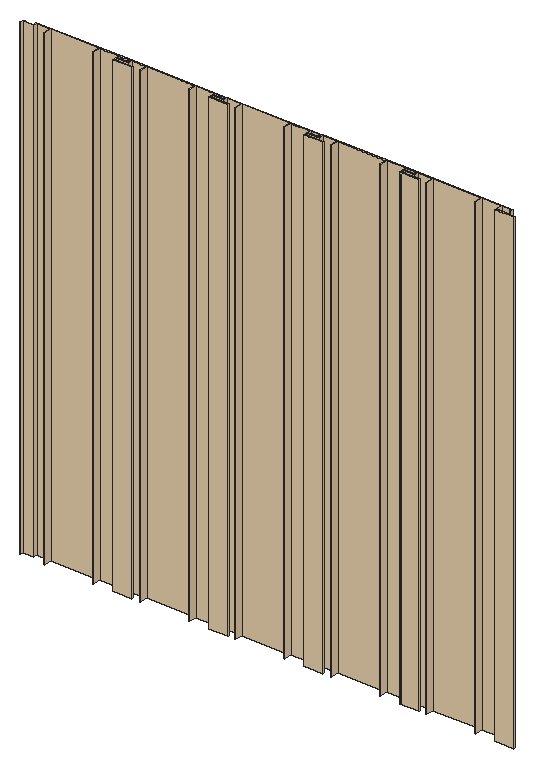
Revit family "UNVERSAL 200", category Mechanical Equipment, Revit 2017
Family settings
  Round Connector Dimension = Use Diameter
  Part Type = Normal
  Work Plane-Based = No
  Always vertical = Yes
  Cut with Voids When Loaded = No
  Shared = No
  Room Calculation Point = No
Parameters (values of type "Pine")
  Width = 203 mm * Panel Number  # 1015 mm
  URL = ""
  Single = Panel Number = 1  # no
  Panel Number = 5
  Array Number = if(Panel Number = 1, 2, Panel Number)  # 5
  Model = "Universal 200"
  Manufacturer = "gtoaluminum"
  Height = 1000 mm
  Finish = Pine, Scots
  Description = "This profile is ideal for both interior and exterior cladding. It emulates the same width as the Click 40 profiles, but it is fully enclosed and works better for exterior cladding, perfect for backyard walls and doors. It can also be used in living rooms or offices that require a “warmer” look. It comes in different shades of wood and other colors or can be painted in a custom color."
  Bottom Offset = 0 mm
  Array = not(Single)  # yes
Types (8, lengths in mm): name | Width | Panel Number | Array Number | Height | Finish | Bottom Offset
  (no name) | 1015 | 5 | 5 | 1000 | Pine, Scots | 0
  Espresso | 406 | 2 | 2 | 3000 | Espresso | 50
  Oak | 406 | 2 | 2 | 3000 | Wood (Oak) | 50
  Pine | 1015 | 5 | 5 | 1000 | Pine, Scots | 0
  Gray | 406 | 2 | 2 | 3000 | Gray | 50
  Charcol | 406 | 2 | 2 | 3000 | Charcol | 50
  Matte | 406 | 2 | 2 | 3000 | Matte | 50
  gloss | 406 | 2 | 2 | 3000 | Gloss | 50
Reference planes
  plane 1 "Center (Front/Back)": y = 0
  plane 2: z = 0
  plane 3 "Center (Left/Right)": x = 0
  plane 4: x = 1015
Dimensions and locks
  "Width": plane 3 "Center (Left/Right)" to plane 4
  equal spacing: group 1, group 2, group 3, group 4, group 5  (x3)
  locked: plane 3 "Center (Left/Right)" to nested 3 at 200.459
  aligned and locked: level to plane 2
  aligned and locked: plane 3 "Center (Left/Right)" to nested 1
  aligned and locked: plane 3 "Center (Left/Right)" to nested 2
Nested families
  nested 1: "profile" at (0, 0, 0), visible <- "Array", type "profile"
    with Height 1000 mm, Bottom Offset 0 mm
  nested 2: "profile" at (0, 0, 0), visible <- "Single", type "profile"
    with Height 1000 mm, Bottom Offset 0 mm
  nested 3: "profile" at (200.459, 0, 0), visible <- "Array", type "profile"
    with Height 1000 mm, Bottom Offset 0 mm
  nested 4: "profile" at (400.917, 0, 0), visible <- "Array", type "profile"
    with Height 1000 mm, Bottom Offset 0 mm
  nested 5: "profile" at (601.376, 0, 0), visible <- "Array", type "profile"
    with Height 1000 mm, Bottom Offset 0 mm
  nested 6: "profile" at (801.835, 0, 0), visible <- "Array", type "profile"
    with Height 1000 mm, Bottom Offset 0 mm
Definition of nested family "profile"
  Parameters (values of type "profile")
    Height = 3000 mm
    Finish = none
    Bottom Offset = 50 mm
  Reference planes
    plane 1 "Center (Front/Back)": y = 0
    plane 2: z = 0
    plane 3 "Center (Left/Right)": x = 0
    plane 4: z = 3000
    plane 5: z = 50
  Forms (mm)
    Extrusion 1, solid, material <- "Finish"
      sketch origin (-100, 1.4, 0) x (1, 0, 0) y (0, 1, 0)
        loop
          line (338.464, -2.4) -> (300.459, -2.4) -> (300.459, 11.592) -> (320.165, 11.592) -> (320.165, 6.748) -> (322.165, 6.748) -> (322.165, 13.592) -> (122.183, 13.592) -> (122.183, 5.749) -> (100, 5.749) -> (100, -1.4) -> (102, -1.4) -> (102, 3.749) -> (124.183, 3.749) -> (124.183, 11.592) -> (153.419, 11.592) -> (153.419, -4.4) -> (155.419, -4.4) -> (155.419, 11.592) -> (256.459, 11.592) -> (256.459, -4.4) -> (258.459, -4.4) -> (258.459, 11.592) -> (298.459, 11.592) -> (298.459, -4.4) -> (338.464, -4.4) -> (338.464, -2.4)
      from 50 to 3000
  Dimensions and locks
    "Height": plane 4 to plane 2
    "Bottom Offset": plane 5 to level
    aligned and locked: level to plane 2
    aligned and locked: Extrusion 1 to plane 4
    aligned and locked: plane 5 to Extrusion 1
  Automatic sketch dimensions
    Extrusion 1 sketch curve to plane 3 "Center (Left/Right)" = 0 mm
    plane 3 "Center (Left/Right)" to Extrusion 1 sketch curve = 2 mm
    plane 3 "Center (Left/Right)" to Extrusion 1 sketch curve = 22.183 mm
    Extrusion 1 sketch curve to Extrusion 1 sketch curve = 2 mm  (x8)
    Extrusion 1 sketch curve to Extrusion 1 sketch curve = 29.237 mm
    Extrusion 1 sketch curve to Extrusion 1 sketch curve = 40 mm
    Extrusion 1 sketch curve to Extrusion 1 sketch curve = 19.707 mm
    Extrusion 1 sketch curve to Extrusion 1 sketch curve = 16.298 mm
    plane 1 "Center (Front/Back)" to Extrusion 1 sketch curve = 3 mm  (x2)
    Extrusion 1 sketch curve to Extrusion 1 sketch curve = 0 mm  (x2)
    Extrusion 1 sketch curve to Extrusion 1 sketch curve = 5.149 mm
    Extrusion 1 sketch curve to Extrusion 1 sketch curve = 9.148 mm
    Extrusion 1 sketch curve to Extrusion 1 sketch curve = 13.992 mm
    Extrusion 1 sketch curve to Extrusion 1 sketch curve = 15.992 mm
    Extrusion 1 sketch curve to Extrusion 1 sketch curve = 5.843 mm
    Extrusion 1 sketch curve to Extrusion 1 sketch curve = 101.039 mm
    Extrusion 1 sketch curve to Extrusion 1 sketch curve = 3 mm
